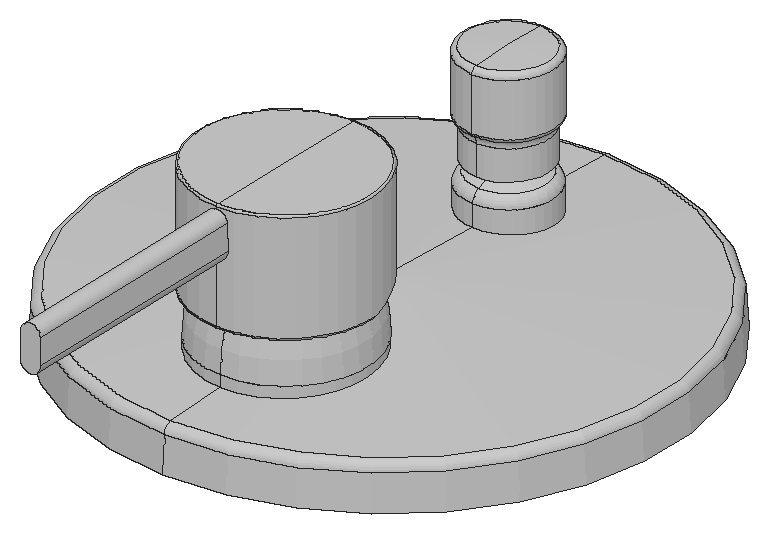
Revit family "Sanitary_Taps-mixers_hansgrohe_74417XXX-Zesis-S-Single-lever-bath-mixer_concealed-installation", category Plumbing Fixtures, host Face, Revit 2022
Family settings
  Host = Face
  Round Connector Dimension = Use Diameter
  Part Type = Normal
  OmniClass Number = 23.31.11.00
  OmniClass Title = Faucets
  Cut with Voids When Loaded = Yes
  Maintain Annotation Orientation = No
  Shared = No
  Room Calculation Point = No
Parameters (values of type "000 Chrome")
  Version = 1  # constant formula
  URL = "https://www.hansgrohe.com/"
  Product data url = "https://www.bimobject.com/en/hansgrohe/product/74417XXX"
  Product Page URL = "https://www.hansgrohe.com/articledetail--74417000"
  Model = "74417XXX"  # constant formula
  Material 1 = Hansgrohe - Metal - 000 Chrome
  Manufacturer = "Hansgrohe"  # constant formula
  Description = "Zesis S Single lever bath mixer for concealed installation"  # constant formula
  Default Elevation = 0 mm
  Date Updated = ""
  Date Created = "2024/12/17"  # constant formula
Types (3, lengths in mm): name | Material 1
  (no name) | Hansgrohe - Metal - 000 Chrome
  000 Chrome | Hansgrohe - Metal - 000 Chrome
  670 Matt Black | Hansgrohe - Metal - 670 Matt Black
Reference planes
  plane 1 "Center (Front/Back)": y = 0
  plane 2: z = 0
  plane 3 "Center (Left/Right)": x = 0
Forms (mm)
  Revolve 1, solid, material "Hansgrohe - Metal - 000 Chrome" <- "Material 1", detail levels fine
    sketch origin (0, 0, 0) x (0, 1, 0) y (0, 0, 1)
      loop
        line (0, 0) -> (74.941, 0) -> (74.448, 9.406)
        arc (74.448, 9.406) -> (73.752, 11.01) -> (72.175, 11.765) r 2.5
        arc (72.175, 11.765) -> (36.124, 14.191) -> (0, 15) r 806.803
        line (0, 15) -> (0, 0)
      axis (0, 15) -> (0, 0)
    angle from 0 to 360
  Revolve 2, solid, material "Hansgrohe - Metal - 000 Chrome" <- "Material 1", detail levels fine
    sketch origin (0, 0, 0) x (0, 1, 0) y (0, 0, 1)
      loop
        line (39.952, 4.9) -> (51.743, 4.9) -> (51.743, 19.387)
        arc (51.743, 19.387) -> (51.222, 21.076) -> (49.84, 22.179) r 3
        line (49.84, 22.179) -> (44.102, 24.434) -> (44.102, 25.222) -> (50.452, 25.222) -> (50.452, 33.222)
        arc (50.452, 33.222) -> (50.75, 34.456) -> (51.577, 35.419) r 2.707
        arc (51.577, 35.419) -> (51.883, 35.774) -> (51.993, 36.23) r 1
        line (51.993, 36.23) -> (51.993, 50.354)
        arc (51.993, 50.354) -> (51.594, 51.372) -> (50.611, 51.849) r 1.5
        arc (50.611, 51.849) -> (45.286, 52.165) -> (39.952, 52.27) r 135.292
        line (39.952, 52.27) -> (39.952, 4.9)
      axis (39.952, 4.9) -> (39.952, 52.27)
    angle from 0 to 360
  Revolve 3, solid, material "Hansgrohe - Metal - 000 Chrome" <- "Material 1", detail levels fine
    sketch origin (0, 0, 0) x (0, 1, 0) y (0, 0, 1)
      loop
        line (-34.048, 8.388) -> (-12.298, 8.388) -> (-12.298, 15.388)
        arc (-12.298, 15.388) -> (-13.657, 25.86) -> (-17.645, 35.638) r 41.02
        line (-17.645, 35.638) -> (-34.048, 35.638) -> (-34.048, 8.388)
      axis (-34.048, 35.638) -> (-34.048, 8.388)
    angle from 0 to 360
  Extrusion 4, void
    sketch origin (0, 0, 0) x (0, 1, 0) y (0, 0, 1)
      loop
        line (0, 37.41) -> (-39.523, 25.326) -> (0, 25.326) -> (0, 37.41)
    from -25 to 25
  Revolve 5, solid, material "Hansgrohe - Metal - 000 Chrome" <- "Material 1", detail levels fine
    sketch origin (0, 0, 0) x (0, 1, 0) y (0, 0, 1)
      loop
        line (-34.048, 27) -> (-11.548, 27)
        arc (-11.548, 27) -> (-11.194, 27.146) -> (-11.048, 27.5) r 0.5
        line (-11.048, 27.5) -> (-11.048, 56.138)
        arc (-11.048, 56.138) -> (-11.194, 56.492) -> (-11.548, 56.638) r 0.5
        line (-11.548, 56.638) -> (-34.048, 56.638) -> (-34.048, 27)
      axis (-34.048, 56.638) -> (-34.048, 27)
    angle from 0 to 360
  Sweep 6, solid, material "Hansgrohe - Metal - 000 Chrome" <- "Material 1", detail levels fine
    path origin (0, 0, 0) x (0, 1, 0) y (0, 0, 1)
      loop
        line (-118.95, 49.596) -> (-33.95, 49.596)
    profile origin (0, -118.95, 49.596) x (0, 0, 1) y (1, 0, 0)
      loop
        line (-3.298, -2.749) -> (3.315, -2.634)
        arc (3.315, -2.634) -> (5.904, 0) -> (3.315, 2.634) r 2.634
        line (3.315, 2.634) -> (-3.298, 2.749)
        arc (-3.298, 2.749) -> (-6.096, 0) -> (-3.298, -2.749) r 2.75
  Revolve 7, solid, material "Hansgrohe - Metal - 000 Chrome" <- "Material 1", detail levels coarse+medium
    sketch origin (0, 0, 0) x (0, 1, 0) y (0, 0, 1)
      loop
        line (0, 0) -> (74.941, 0) -> (74.941, 15) -> (0, 15) -> (0, 0)
      axis (0, 15) -> (0, 0)
    angle from 0 to 360
  Revolve 8, solid, material "Hansgrohe - Metal - 000 Chrome" <- "Material 1", detail levels medium
    sketch origin (0, 0, 0) x (0, 1, 0) y (0, 0, 1)
      loop
        line (39.952, 4.9) -> (51.743, 4.9) -> (51.743, 21.431) -> (44.102, 24.434) -> (44.102, 25.222) -> (50.452, 25.222) -> (50.452, 33.222) -> (51.993, 36.23) -> (51.993, 52.27) -> (39.952, 52.27) -> (39.952, 4.9)
      axis (39.952, 4.9) -> (39.952, 52.27)
    angle from 0 to 360
  Revolve 9, solid, material "Hansgrohe - Metal - 000 Chrome" <- "Material 1", detail levels medium
    sketch origin (0, 0, 0) x (0, 1, 0) y (0, 0, 1)
      loop
        line (-34.048, 8.388) -> (-12.301, 8.388) -> (-12.301, 27) -> (-11.048, 27) -> (-11.048, 56.638) -> (-34.048, 56.638) -> (-34.048, 8.388)
      axis (-34.048, 56.638) -> (-34.048, 8.388)
    angle from 0 to 360
  Sweep 10, solid, material "Hansgrohe - Metal - 000 Chrome" <- "Material 1", detail levels coarse+medium
    path origin (0, 0, 0) x (0, 1, 0) y (0, 0, 1)
      loop
        line (-118.95, 49.596) -> (-33.95, 49.596)
    profile origin (0, -118.95, 49.596) x (0, 0, 1) y (1, 0, 0)
      loop
        line (-6.096, -2.749) -> (5.904, -2.749) -> (5.904, 2.749) -> (-6.096, 2.749) -> (-6.096, -2.749)
  Revolve 11, solid, material "Hansgrohe - Metal - 000 Chrome" <- "Material 1", detail levels coarse
    sketch origin (0, 0, 0) x (0, 1, 0) y (0, 0, 1)
      loop
        line (39.952, 4.9) -> (51.993, 4.9) -> (51.993, 52.27) -> (39.952, 52.27) -> (39.952, 4.9)
      axis (39.952, 4.9) -> (39.952, 52.27)
    angle from 0 to 360
  Revolve 12, solid, material "Hansgrohe - Metal - 000 Chrome" <- "Material 1", detail levels coarse
    sketch origin (0, 0, 0) x (0, 1, 0) y (0, 0, 1)
      loop
        line (-34.048, 8.388) -> (-11.048, 8.388) -> (-11.048, 56.638) -> (-34.048, 56.638) -> (-34.048, 8.388)
      axis (-34.048, 56.638) -> (-34.048, 8.388)
    angle from 0 to 360
Cuts and joins
  Extrusion 4 cuts Revolve 5
  joined: Revolve 3, Revolve 5, Sweep 6
Lines and regions (mm)
  Masking region 1
    outline origin (0, 0, 0) x (0, 1, 0) y (0, 0, 1)
      loop
        arc (39.952, 52.27) -> (34.618, 52.165) -> (29.293, 51.849) r 135.292
        arc (29.293, 51.849) -> (28.31, 51.372) -> (27.911, 50.354) r 1.5
        line (27.911, 50.354) -> (27.911, 36.23)
        arc (27.911, 36.23) -> (28.021, 35.774) -> (28.327, 35.419) r 1
        arc (28.327, 35.419) -> (29.154, 34.456) -> (29.452, 33.222) r 2.707
        line (29.452, 33.222) -> (29.452, 25.222) -> (35.802, 25.222) -> (35.802, 24.434) -> (30.064, 22.179)
        arc (30.064, 22.179) -> (28.682, 21.076) -> (28.161, 19.387) r 3
        line (28.161, 19.387) -> (28.161, 14.508)
        arc (28.161, 14.508) -> (14.083, 14.877) -> (0, 15) r 806.803
        arc (0, 15) -> (-6.151, 14.977) -> (-12.301, 14.906) r 806.803
        arc (-12.301, 14.906) -> (-13.194, 23.913) -> (-16.04, 32.506) r 41.02
        line (-16.04, 32.506) -> (-11.048, 34.032) -> (-11.048, 56.138)
        arc (-11.048, 56.138) -> (-11.194, 56.492) -> (-11.548, 56.638) r 0.5
        line (-11.548, 56.638) -> (-34.048, 56.638) -> (-57.048, 56.638) -> (-57.048, 55.5) -> (-118.95, 55.5) -> (-118.95, 43.5) -> (-57.048, 43.5) -> (-57.048, 26.995) -> (-54.122, 26.995)
        arc (-54.122, 26.995) -> (-55.526, 20.103) -> (-55.733, 13.073) r 41.02
        arc (-55.733, 13.073) -> (-63.957, 12.461) -> (-72.175, 11.765) r 806.803
        arc (-72.175, 11.765) -> (-73.752, 11.01) -> (-74.448, 9.406) r 2.5
        line (-74.448, 9.406) -> (-74.941, 0) -> (0, 0) -> (74.941, 0) -> (74.448, 9.406)
        arc (74.448, 9.406) -> (73.752, 11.01) -> (72.175, 11.765) r 2.5
        arc (72.175, 11.765) -> (61.964, 12.617) -> (51.743, 13.339) r 806.803
        line (51.743, 13.339) -> (51.743, 19.387)
        arc (51.743, 19.387) -> (51.222, 21.076) -> (49.84, 22.179) r 3
        line (49.84, 22.179) -> (44.102, 24.434) -> (44.102, 25.222) -> (50.452, 25.222) -> (50.452, 33.222)
        arc (50.452, 33.222) -> (50.75, 34.456) -> (51.577, 35.419) r 2.707
        arc (51.577, 35.419) -> (51.883, 35.774) -> (51.993, 36.23) r 1
        line (51.993, 36.23) -> (51.993, 50.354)
        arc (51.993, 50.354) -> (51.594, 51.372) -> (50.611, 51.849) r 1.5
        arc (50.611, 51.849) -> (45.286, 52.165) -> (39.952, 52.27) r 135.292
  Masking region 2
    outline origin (0, 0, 0) x (1, 0, 0) y (0, 0, 1)
      loop
        line (0, 56.638) -> (-22.5, 56.638)
        arc (-22.5, 56.638) -> (-22.854, 56.492) -> (-23, 56.138) r 0.5
        line (-23, 56.138) -> (-23, 27.5)
        arc (-23, 27.5) -> (-22.854, 27.146) -> (-22.5, 27) r 0.5
        line (-22.5, 27) -> (-20.072, 27)
        arc (-20.072, 27) -> (-21.376, 20.917) -> (-21.744, 14.707) r 41.02
        arc (-21.744, 14.707) -> (-46.983, 13.631) -> (-72.175, 11.765) r 806.803
        arc (-72.175, 11.765) -> (-73.752, 11.01) -> (-74.448, 9.406) r 2.5
        line (-74.448, 9.406) -> (-74.941, 0) -> (0, 0) -> (74.941, 0) -> (74.448, 9.406)
        arc (74.448, 9.406) -> (73.752, 11.01) -> (72.175, 11.765) r 2.5
        arc (72.175, 11.765) -> (46.983, 13.631) -> (21.744, 14.707) r 806.803
        arc (21.744, 14.707) -> (21.376, 20.917) -> (20.072, 27) r 41.02
        line (20.072, 27) -> (22.5, 27)
        arc (22.5, 27) -> (22.854, 27.146) -> (23, 27.5) r 0.5
        line (23, 27.5) -> (23, 56.138)
        arc (23, 56.138) -> (22.854, 56.492) -> (22.5, 56.638) r 0.5
        line (22.5, 56.638) -> (0, 56.638)
  Masking region 3
    outline origin (0, 0, 0) x (1, 0, 0) y (0, 1, 0)
      loop
        arc (2.75, -74.891) -> (0, 74.941) -> (-2.75, -74.891) r 74.941
        line (-2.75, -74.891) -> (-2.75, -118.95) -> (2.75, -118.95) -> (2.75, -74.891)
  symbolic lines, detail levels medium+fine
    curve 1: line (0, -34.063, 26.995) -> (0, -54.122, 26.995)
    curve 2: line (0, -16.04, 32.506) -> (0, -34.063, 26.995)
    curve 3: line (0, -57.048, 43.5) -> (0, -57.048, 55.5)
    curve 4: arc (0, -55.733, 13.073) -> (0, -34.029, 14.282) -> (0, -12.301, 14.906) r 806.803
    curve 5: arc (0, 51.743, 13.339) -> (0, 39.956, 14.01) -> (0, 28.161, 14.508) r 806.803
    curve 6: circle (0, -33.95, 0) r 23 normal (0, 0, 1)
    curve 7: circle (0, 39.952, 0) r 12.041 normal (0, 0, 1)
    curve 8: line (-2.634, -74.936, 0) -> (-2.634, -56.799, 0)
    curve 9: line (2.75, -74.891, 0) -> (2.75, -56.786, 0)
    curve 10: line (0, 44.102, 24.434) -> (0, 35.802, 24.434)
    curve 11: line (0, 35.802, 25.222) -> (0, 44.102, 25.222)
    curve 12: line (0, 51.993, 36.23) -> (0, 27.911, 36.23)
    curve 13: spline (-22.896, 0, 27.499) -> (-22.717, 0, 28.089) -> (-22.366, 0, 28.671) -> (-21.843, 0, 29.243) -> (-21.154, 0, 29.799) -> (-20.304, 0, 30.336) -> (-19.299, 0, 30.85) -> (-18.145, 0, 31.336) -> (-16.853, 0, 31.792) -> (-15.432, 0, 32.213) -> (-13.891, 0, 32.596) -> (-12.243, 0, 32.94) -> (-10.5, 0, 33.24)
    curve 14: spline (-10.5, 0, 31.614) -> (-11.82, 0, 31.353) -> (-13.067, 0, 31.062) -> (-14.231, 0, 30.743) -> (-15.307, 0, 30.399) -> (-16.287, 0, 30.031) -> (-17.165, 0, 29.642) -> (-17.937, 0, 29.233) -> (-18.597, 0, 28.809) -> (-19.142, 0, 28.371) -> (-19.567, 0, 27.921) -> (-19.871, 0, 27.463) -> (-20.051, 0, 27)
    curve 15: spline (22.896, 0, 27.499) -> (22.717, 0, 28.089) -> (22.366, 0, 28.671) -> (21.843, 0, 29.243) -> (21.154, 0, 29.799) -> (20.304, 0, 30.336) -> (19.299, 0, 30.85) -> (18.145, 0, 31.336) -> (16.853, 0, 31.792) -> (15.432, 0, 32.213) -> (13.891, 0, 32.596) -> (12.243, 0, 32.94) -> (10.5, 0, 33.24)
    curve 16: spline (10.5, 0, 31.614) -> (11.82, 0, 31.353) -> (13.067, 0, 31.062) -> (14.231, 0, 30.743) -> (15.307, 0, 30.399) -> (16.287, 0, 30.031) -> (17.165, 0, 29.642) -> (17.937, 0, 29.233) -> (18.597, 0, 28.809) -> (19.142, 0, 28.371) -> (19.567, 0, 27.921) -> (19.871, 0, 27.463) -> (20.051, 0, 27)
    curve 17: line (-12.041, 0, 50.354) -> (-12.041, 0, 36.23)
    curve 18: arc (-12.041, 0, 36.23) -> (-11.931, 0, 35.774) -> (-11.625, 0, 35.419) r 1
    curve 19: arc (-11.625, 0, 35.419) -> (-10.798, 0, 34.456) -> (-10.5, 0, 33.222) r 2.707
    curve 20: line (-10.5, 0, 33.222) -> (-10.5, 0, 25.222)
    curve 21: line (-10.5, 0, 25.222) -> (-4.15, 0, 25.222)
    curve 22: line (-4.15, 0, 25.222) -> (-4.15, 0, 24.434)
    curve 23: line (-4.15, 0, 24.434) -> (-9.888, 0, 22.179)
    curve 24: arc (-9.888, 0, 22.179) -> (-11.27, 0, 21.076) -> (-11.791, 0, 19.387) r 3
    curve 25: line (-11.791, 0, 19.387) -> (-11.791, 0, 14.914)
    curve 26: arc (0, 0, 52.27) -> (-5.334, 0, 52.165) -> (-10.659, 0, 51.849) r 135.292
    curve 27: arc (-10.659, 0, 51.849) -> (-11.642, 0, 51.372) -> (-12.041, 0, 50.354) r 1.5
    curve 28: arc (21.744, 0, 14.707) -> (0, 0, 15) -> (-21.744, 0, 14.707) r 806.803
    curve 29: line (12.041, 0, 50.354) -> (12.041, 0, 36.23)
    curve 30: arc (12.041, 0, 36.23) -> (11.931, 0, 35.774) -> (11.625, 0, 35.419) r 1
    curve 31: arc (11.625, 0, 35.419) -> (10.798, 0, 34.456) -> (10.5, 0, 33.222) r 2.707
    curve 32: line (10.5, 0, 33.222) -> (10.5, 0, 25.222)
    curve 33: line (10.5, 0, 25.222) -> (4.15, 0, 25.222)
    curve 34: line (4.15, 0, 25.222) -> (4.15, 0, 24.434)
    curve 35: line (4.15, 0, 24.434) -> (9.888, 0, 22.179)
    curve 36: arc (9.888, 0, 22.179) -> (11.27, 0, 21.076) -> (11.791, 0, 19.387) r 3
    curve 37: line (11.791, 0, 19.387) -> (11.791, 0, 14.914)
    curve 38: arc (0, 0, 52.27) -> (5.334, 0, 52.165) -> (10.659, 0, 51.849) r 135.292
    curve 39: arc (10.659, 0, 51.849) -> (11.642, 0, 51.372) -> (12.041, 0, 50.354) r 1.5
    curve 40: line (4.15, 0, 25.222) -> (-4.15, 0, 25.222)
Dimensions and locks
  aligned and locked: plane 2 to host face
  aligned and locked: level to host face
